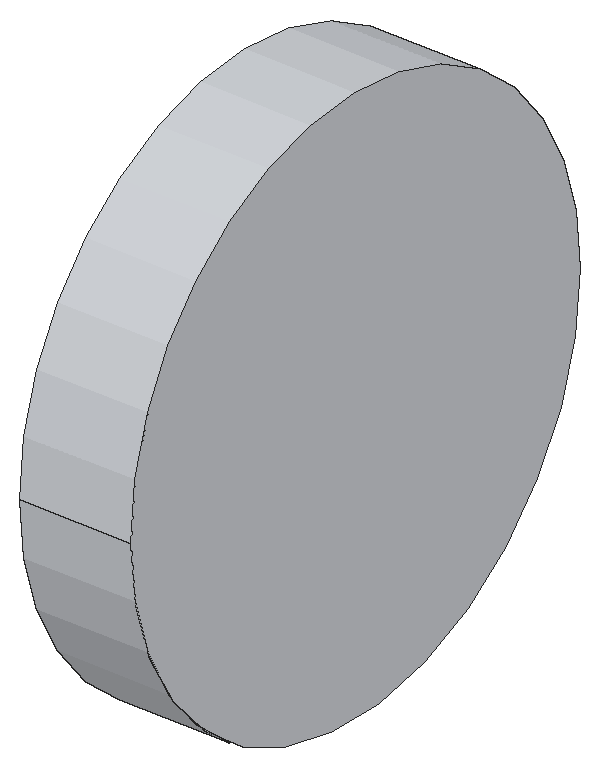
Revit family "GPC-Raiser", category Pipe Accessories, Revit 2025
Family settings
  Round Connector Dimension = Use Radius
  Part Type = Attaches To
  OmniClass Number = 23.60.10.14
  OmniClass Title = Pressure Measuring Instruments
  Work Plane-Based = No
  Always vertical = Yes
  Cut with Voids When Loaded = No
  Shared = No
Parameters (values of type "2in")
  built-in parameter 1114242 [instance] = 1
  Thickness = 28 mm
  Loss Method = Not Defined
  Dial Diameter = 50 mm
  Nominal Radius = 25.4 mm
  Nominal Diameter = Nominal Radius * 2  # 50.8 mm
  Height = 200 mm
  Default Elevation = 0 mm
Types (5, lengths in mm): name | built-in parameter 1114242 | Thickness | Dial Diameter | Nominal Radius | Nominal Diameter | Height
  63 mm | (empty or 0) | 28 | 63 | 4 | 8 | 85
  80 mm Dial - 8 mm | (empty or 0) | 29 | 80 | 4 | 8 | 99
  100 mm Dial - 8 mm | (empty or 0) | 31 | 100 | 4 | 8 | 120
  2in | 1 | 28 | 50 | 25.4 | 50.8 | 200
  63 mm Dial - 8 mm | (empty or 0) | 28 | 63 | 4 | 8 | 85
Reference planes
  plane 1 "Center (Front/Back)": y = 0
  plane 2: z = 0
  plane 3 "Center (Left/Right)": x = 0
  plane 4: x = 10
  plane 5: z = 7
  plane 6: z = 14
  plane 7: z = 21
  plane 8: z = -7
  plane 9: z = 17.5
Forms (mm)
  Extrusion 1, solid, detail levels fine
    sketch origin (0, 0, 0) x (0, 1, 0) y (0, 0, 1)
      loop
        circle (0, 0) r 25.4
    from 0 to 10
Dimensions and locks
  locked: plane 5 to plane 2 at 7
  locked: plane 6 to plane 5 at 7
  locked: plane 7 to plane 6 at 7
  locked: plane 2 to plane 8 at 7
  equal spacing: plane 7, plane 9, plane 6
  plane 3 "Center (Left/Right)" to plane 4 = 10 mm
  "Nominal Radius": radius of Extrusion 1 sketch curve
  aligned and locked: plane 2 to Extrusion 1 sketch curve
  aligned and locked: plane 1 "Center (Front/Back)" to Extrusion 1 sketch curve
  aligned and locked: Extrusion 1 to plane 3 "Center (Left/Right)"
  aligned and locked: plane 4 to Extrusion 1
Connectors
  piping at (0, 0, 0), diameter 50.8, driven by "Nominal Radius"
    settings: on Extrusion 1, index 1, connector inside diameter 609.6 mm, connector length 0 mm, flow factor 0, pipe flow 0.0 L/s, pressure drop 0.0 Pa, fitting loss kfactor 0, connector angle 0.00°, fixture units 0, engagement length 0 mm, angle of deflection 0.00°, flow configuration 0, flow direction 0, fitting loss method 0, system type 7, joint type 0, gender type 0, connector reference index 2, connector utility 0, adjustable connector no, is connector primary yes, connector description ""
  piping at (10, 0, 0), diameter 50.8, driven by "Nominal Radius"
    settings: on Extrusion 1, index 2, connector inside diameter 609.6 mm, connector length 0 mm, flow factor 0, pipe flow 0.0 L/s, pressure drop 0.0 Pa, fitting loss kfactor 0, connector angle 0.00°, fixture units 0, engagement length 0 mm, angle of deflection 0.00°, flow configuration 0, flow direction 0, fitting loss method 0, system type 7, joint type 0, gender type 0, connector reference index 1, connector utility 0, adjustable connector no, is connector primary no, connector description ""
